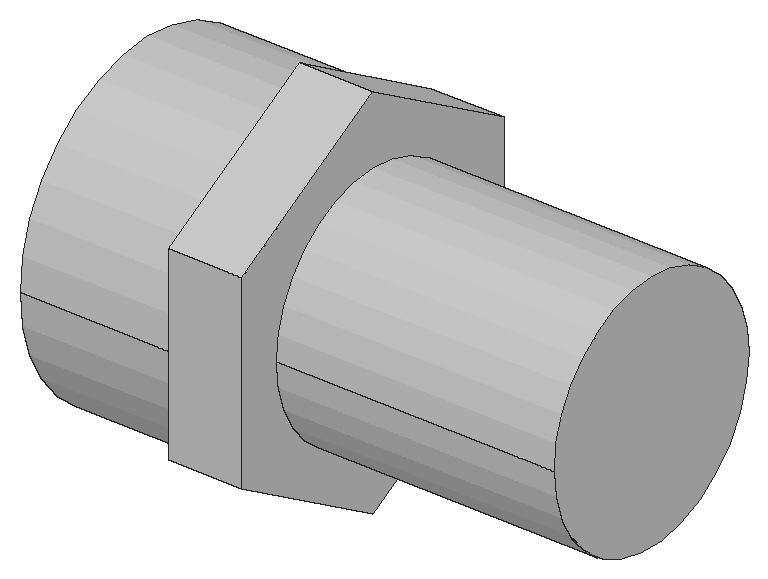
Revit family "VTr.650.N_Штуцер для шланга_Нерж_VALTEC", category Соединительные детали трубопроводов, Revit 2023
Family settings
  Размер круглого соединителя = Использовать диаметр
  Тип детали = Переход
  На основе рабочей плоскости = Нет
  Всегда вертикально = Да
  При загрузке вырезать с полостями = Нет
  Общий = Нет
Parameters
  Отметка по умолчанию = 0.00 mm
  l3 [instance] = size_lookup(LT, "l3", 23.00 mm, dn1, dn2)  # 23.00 mm
  l2 [instance] = size_lookup(LT, "l2", 6.00 mm, dn1, dn2)  # 6.00 mm
  l1 [instance] = size_lookup(LT, "l1", 10.50 mm, dn1, dn2)  # 12.50 mm
  dn2 [instance] = 20 mm
  dn1 [instance] = 26.4 mm
  d_гайки [instance] = size_lookup(LT, "d_гайки", 24.25 mm, dn1, dn2)  # 31.18 mm
  d2 [instance] = size_lookup(LT, "d2", 10.00 mm, dn1, dn2)  # 20.00 mm
  d1 [instance] = size_lookup(LT, "d1", 21.00 mm, dn1, dn2)  # 26.40 mm
  LT = "VTr.650.N_Штуцер для шланга_Нерж_VALTEC"  # constant formula
  ADSK_Примечание [instance] = ""
  ADSK_Позиция [instance] = ""
  ADSK_Обозначение [instance] = ADSK_Марка  # "VTr.650.N.0520"
  ADSK_Наименование [instance] = size_lookup(LT, "", "Типоразмер не найден", dn1, dn2)  # "Штуцер для шланга 3/4 х 20 мм"
  ADSK_Материал = Сталь, нержавеющая - VALTEC
  ADSK_Масса [instance] = size_lookup(LT, "ADSK_Масса", 0, dn1, dn2)  # 0.061
  ADSK_Марка [instance] = size_lookup(LT, "ADSK_Марка", "Типоразмер не найден", dn1, dn2)  # "VTr.650.N.0520"
  ADSK_Количество = 1  # constant formula
  ADSK_Код изделия [instance] = "VTr.650.N"  # constant formula
  ADSK_Завод-изготовитель [instance] = "VALTEC"  # constant formula
  ADSK_Единица измерения = "шт."  # constant formula
Reference planes
  plane 1 "По центру (Вперед/Назад)": y = 0
  plane 2: z = 0
  plane 3 "По центру (Влево/Вправо)": x = 0
  plane 4: x = 29
  plane 5: x = -12.5
  plane 6: x = 6
Forms (mm)
  Sweep 1, solid, material "Сталь, нержавеющая - VALTEC" <- "ADSK_Материал"
    path in 3D
      loop
        line (-12.5, 0, 0) -> (0, 0, 0)
    profile origin (-6.25, 0, 0) x (0, 1, 0) y (0, 0, 1)
      loop
        circle (0, 0) r 13.2
  Sweep 2, solid, material "Сталь, нержавеющая - VALTEC" <- "ADSK_Материал"
    path in 3D
      loop
        line (6, 0, 0) -> (29, 0, 0)
    profile origin (17.5, 0, 0) x (0, 1, 0) y (0, 0, 1)
      loop
        circle (0, 0) r 10
Lines and regions (mm)
  model lines
    curve 1: line (-12.5, 0, 0) -> (0, 0, 0)
    curve 2: line (6, 0, 0) -> (29, 0, 0)
  sketch lines
    curve 3: line (-12.5, 0, 0) -> (0, 0, 0)
    curve 4: line (6, 0, 0) -> (29, 0, 0)
Dimensions and locks
  "l1": plane 5 to plane 3 "По центру (Влево/Вправо)"
  "l2": plane 3 "По центру (Влево/Вправо)" to plane 6
  "l3": plane 6 to plane 4
  "d1": diameter of Sweep 1 sketch curve
  "d2": diameter of Sweep 2 sketch curve
  aligned and locked: level to plane 2
  aligned and locked: plane 6 to curve 2
  aligned and locked: plane 4 to curve 2
  aligned and locked: plane 3 "По центру (Влево/Вправо)" to curve 1
  aligned and locked: plane 5 to curve 1
  aligned and locked: plane 1 "По центру (Вперед/Назад)" to curve 1
  aligned and locked: plane 1 "По центру (Вперед/Назад)" to curve 2
  aligned and locked: nested 1 to plane 3 "По центру (Влево/Вправо)"
  aligned and locked: nested 1 to plane 1 "По центру (Вперед/Назад)"
Automatic sketch dimensions
  Sweep 1 sketch curve to profile plane = 0.00 mm  (x2)
  Sweep 2 sketch curve to profile plane = 0.00 mm  (x2)
Nested families
  nested 1: "Гайка_6 сторон" at (6, 0, 0) x (0, 1, 0) z (0, 0, 1), L <- "l2", d <- "d_гайки", ADSK_Материал <- "ADSK_Материал", type "Гайка_6 сторон"
    with m 27.003 mm, d 31.18 mm, L 6.00 mm, ADSK_Материал Сталь, нержавеющая - VALTEC
Connectors
  piping at (6, 0, 0), diameter 20, driven by "dn2"
    settings: on Sweep 2, index 1, connector inside diameter 609.6 mm, connector length 0.00 mm, flow factor 0, pipe flow 0.0 L/s, pressure drop 0.0 Pa, fitting loss kfactor 0, connector angle 0.00°, fixture units 0, engagement length 0.00 mm, angle of deflection 0.00°, flow configuration 0, flow direction 0, fitting loss method 0, system type 28, joint type 0, gender type 0, connector reference index 2, connector utility 0, adjustable connector no, is connector primary no, connector description ""
  piping at (0, 0, 0), diameter 26.4, driven by "dn1"
    settings: on nested 1, index 2, connector inside diameter 609.6 mm, connector length 0.00 mm, flow factor 0, pipe flow 0.0 L/s, pressure drop 0.0 Pa, fitting loss kfactor 0, connector angle 0.00°, fixture units 0, engagement length 0.00 mm, angle of deflection 0.00°, flow configuration 0, flow direction 0, fitting loss method 0, system type 28, joint type 0, gender type 0, connector reference index 1, connector utility 0, adjustable connector no, is connector primary yes, connector description ""
Definition of nested family "Гайка_6 сторон"
  Parameters (values of type "Гайка_6 сторон")
    Default Elevation = 0.00 mm
    m [instance] = (d / 2) / (2 * tan(180.00° / 6)) * 2  # 12.99 mm
    d [instance] = 15.00 mm
    L [instance] = 15.008 mm
    ADSK_Материал [instance] = none
  Reference planes
    plane 1 "По центру (Вперед/Назад)": y = 0
    plane 2: z = 0
    plane 3 "По центру (Влево/Вправо)": x = 0
    plane 4: x = -6.495
    plane 5: x = 6.495
    plane 6: z = 7.5
    plane 7: z = -7.5
    plane 8: through (-4.434, -1524, 2.56) normal (0.5, 0, 0.866)
    plane 9: through (4.434, -1524, 2.56) normal (0.5, 0, -0.866)
    plane 10: through (-1.187, -1524, 8.185) normal (0.5, 0, 0.866)
    plane 11: through (-7.682, -1524, -3.065) normal (0.5, 0, 0.866)
    plane 12: through (1.187, -1524, 8.185) normal (0.5, 0, -0.866)
    plane 13: through (7.682, -1524, -3.065) normal (0.5, 0, -0.866)
    plane 14: y = 15.008
  Forms (mm)
    Extrusion 1, solid, material <- "ADSK_Материал"
      sketch origin (0, 0, 0) x (1, 0, 0) y (0, 0, 1)
        loop
          line (0, 7.5) -> (-6.495, 3.75) -> (-6.495, -3.75) -> (0, -7.5) -> (6.495, -3.75) -> (6.495, 3.75) -> (0, 7.5)
      from -15.008 to 0
  Dimensions and locks
    equal spacing: plane 5, plane 3 "По центру (Влево/Вправо)", plane 4
    "m": plane 5 to plane 4
    equal spacing: plane 6, plane 2, plane 7
    "d": plane 6 to plane 7
    equal spacing: plane 12, plane 9, plane 13
    "m": plane 12 to plane 13
    equal spacing: plane 10, plane 8, plane 11
    "m": plane 10 to plane 11
    "L": plane 1 "По центру (Вперед/Назад)" to plane 14
    aligned and locked: level to plane 2
    aligned and locked: Extrusion 1 sketch curve to plane 4
    aligned and locked: plane 12 to Extrusion 1 sketch curve
    aligned and locked: plane 10 to Extrusion 1 sketch curve
    aligned and locked: Extrusion 1 sketch curve to plane 5
    aligned and locked: Extrusion 1 sketch curve to plane 13
    aligned and locked: Extrusion 1 sketch curve to plane 11
    aligned and locked: plane 1 "По центру (Вперед/Назад)" to Extrusion 1
    aligned and locked: plane 14 to Extrusion 1
Types in the file's own list only (7): name | Отметка по умолчанию
  Штуцер для шланга 1/2 х 10 мм | 0.00 мм
  Штуцер для шланга 1/2 х 12 мм | 0.00 мм
  Штуцер для шланга 1/2 х 14 мм | 0.00 мм
  Штуцер для шланга 1/2 х 16 мм | 0.00 мм
  Штуцер для шланга 1/2 х 18 мм | 0.00 мм
  Штуцер для шланга 1/2 х 20 мм | 0.00 мм
  Штуцер для шланга 3/4 х 20 мм | 0.00 мм
